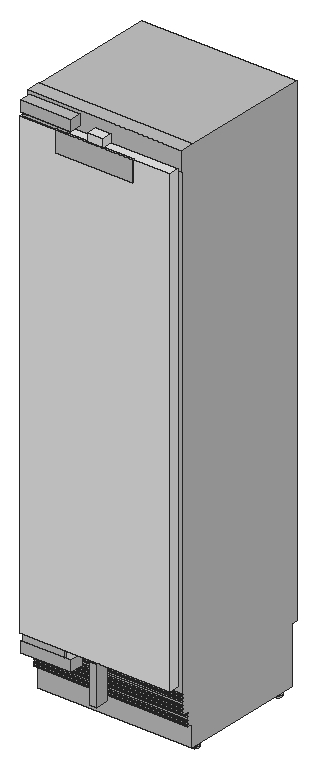
Revit family "FP_Revit_18_RS2484FLJK1_Freezer_90001056A", category Specialty Equipment, Revit 2018
Family settings
  Round Connector Dimension = Use Diameter
  Part Type = Normal
  OmniClass Number = 23.40.40.11.11
  OmniClass Title = Refrigerators and Freezers
  Work Plane-Based = No
  Always vertical = Yes
  Cut with Voids When Loaded = Yes
  Shared = No
  Room Calculation Point = No
Parameters (values of type "RS2484FLJK1")
  Visibility - Water Connection = yes
  Visibility - Visibility Control Note = yes
  Visibility - Clearance Required = yes
  URL = "www.fisherpaykel.com"
  Stainless Steel Door Panels (RD2484L4D) = no
  Product - Width = 603 mm  # constant formula
  Product - Height = 2134 mm  # constant formula
  Product - Depth (exl front panel) = 610 mm  # constant formula
  Model = "RS2484FLJK1"
  Material - Handle = Fisher & Paykel - Aluminium
  Material - Door Structure = Fisher & Paykel - White
  Material - Door Front = Fisher & Paykel - Stainless Steel
  Material - Body = Fisher & Paykel - Grey
  Manufacturer = "Fisher & Paykel Appliances"
  Handle Style - Professional Square (AHV2-RD84) = no
  Handle Style - Professional Round (AHC-RD84) = no
  Handle Style - Contemporary Square (AHD3-RD84) = no
  Handle Style - Contemporary Round (AHS-RD84) = no
  Description = "24\" Integrated Column Freezer with internal ice maker, stainless steel interior"
  Connector Description - Water = "1/4\" (6mm) comp. stainless steel braided hose"
  Connector Description - Electrical = "120 V, 10 amp fused electrical supply"
  Cavity - Width = 610 mm  # constant formula
  Cavity - Height = 2134 mm  # constant formula
  Cavity - Depth = 635 mm  # constant formula
Types (3, lengths in mm): name | Model | Description
  (no name) | "RS2484FLJK1" | "24\" Integrated Column Freezer with internal ice maker, stainless steel interior"
  RS2484FLJK1 | "RS2484FLJK1" | "24\" Integrated Column Freezer with internal ice maker, stainless steel interior"
  RS2484FLJ1 | "RS2484FLJ1" | "24\" Integrated Column Freezer with internal ice maker, white interior"
Reference planes
  plane 1 "Datum": y = 0
  plane 2: z = 0
  plane 3 "Center (Left/Right)": x = 0
  plane 4 "Product LHS": x = -301.5
  plane 5 "Product RHS": x = 301.5
  plane 6 "Product - Depth": y = 610
  plane 7 "Cavity LHS": x = -305
  plane 8 "Cavity RHS": x = 305
  plane 9 "Cavity - Depth": y = 612.9
  plane 10 "Handle Offset": x = 238.5
  plane 11 "Product Height": z = 2134
  plane 12 "Cavity Height": z = 2134
  plane 13 "Door Panel Datum": y = -4.1
Forms (mm)
  Extrusion 1, solid, material "Fisher & Paykel - Grey" <- "Material - Body", detail levels fine
    sketch origin (0, 0, 0) x (0, 1, 0) y (0, 0, 1)
      loop
        line (100.1, 19.1) -> (587.9, 19.1) -> (587.9, 239.7) -> (610, 239.7) -> (610, 2131.9) -> (105.1, 2131.9) -> (105.1, 2134) -> (49.9, 2134) -> (49.9, 2059) -> (56, 2059) -> (56, 228.6) -> (59.5, 228.6) -> (59.5, 219.7) -> (56.5, 219.7) -> (56.5, 215.9) -> (59.5, 215.9) -> (59.5, 207) -> (56.5, 207) -> (56.5, 203.2) -> (59.5, 203.2) -> (59.5, 194.3) -> (56.5, 194.3) -> (56.5, 190.5) -> (59.5, 190.5) -> (59.5, 181.6) -> (56.5, 181.6) -> (56.5, 177.8) -> (59.5, 177.8) -> (59.5, 168.9) -> (56.5, 168.9) -> (56.5, 165.1) -> (59.5, 165.1) -> (59.5, 156.2) -> (56.5, 156.2) -> (56.5, 152.4) -> (84.1, 152.4) -> (84.1, 143.5) -> (81.1, 143.5) -> (81.1, 139.7) -> (84.1, 139.7) -> (84.1, 130.8) -> (81.1, 130.8) -> (81.1, 127) -> (84.1, 127) -> (84.1, 118.1) -> (81.1, 118.1) -> (81.1, 114.3) -> (84.1, 114.3) -> (84.1, 105.4) -> (81.1, 105.4) -> (81.1, 101.6) -> (100.1, 101.6) -> (100.1, 19.1)
    from -301.5 to 301.5
  Extrusion 2, solid, material "Fisher & Paykel - Grey" <- "Material - Body"
    sketch origin (0, 0, 0) x (1, 0, 0) y (0, 1, 0)
      loop
        circle (-281, 547.8) r 4.1
      loop
        circle (-281, 141.8) r 4.1
      loop
        circle (281, 547.8) r 4.1
      loop
        circle (281, 141.8) r 4.1
    from 3 to 19.1
  Extrusion 3, solid, material "Fisher & Paykel - Grey" <- "Material - Body"
    sketch origin (0, 0, 0) x (1, 0, 0) y (0, 1, 0)
      loop
        circle (-281, 547.8) r 14.5
      loop
        circle (-281, 141.8) r 14.555
      loop
        circle (281, 547.8) r 14.5
      loop
        circle (281, 141.8) r 14.555
    from 0 to 3
  Extrusion 4, solid, material "Fisher & Paykel - Grey" <- "Material - Body", detail levels fine
    sketch origin (0, 0, 0) x (1, 0, 0) y (0, 1, 0)
      loop
        line (-7.5, 49) -> (-13.797, -4.1) -> (13.797, -4.1) -> (7.5, 49) -> (-7.5, 49)
    from 104.2 to 254.2
  Extrusion 5, solid, material "Fisher & Paykel - Grey" <- "Material - Body", detail levels fine
    sketch origin (0, 0, 0) x (0, 1, 0) y (0, 0, 1)
      loop
        line (0, 2070.6) -> (0, 1988.6) -> (2, 1988.6) -> (2, 2068.6) -> (4, 2068.6) -> (4, 2070.6) -> (0, 2070.6)
    from -150 to 150
  Extrusion 6, solid, material "Fisher & Paykel - Grey" <- "Material - Body"
    sketch origin (0, 0, 0) x (1, 0, 0) y (0, 0, 1)
      loop
        circle (226.5, 119.813) r 5
      loop
        circle (-226.5, 119.813) r 5
    from -590 to -587.9
  Extrusion 7, solid, material "Fisher & Paykel - White" <- "Material - Door Structure"
    sketch origin (0, 0, 0) x (1, 0, 0) y (0, 1, 0)
      loop
        line (-276.5, 56) -> (-276.5, 42) -> (276.5, 42) -> (276.5, 56) -> (-276.5, 56)
    from 269.6 to 2030.7
  Extrusion 8, solid, material "Fisher & Paykel - White" <- "Material - Door Structure"
    sketch origin (0, 0, 0) x (1, 0, 0) y (0, 1, 0)
      loop
        line (-292.9, 42) -> (-292.9, 3) -> (292.9, 3) -> (292.9, 42) -> (-292.9, 42)
    from 254.2 to 2068.6
  Extrusion 9, solid, material "Fisher & Paykel - White" <- "Material - Door Structure", detail levels fine
    sketch origin (0, 0, 0) x (1, 0, 0) y (0, 0, 1)
      loop
        line (-29.5, 2100.1) -> (-29.5, 2068.6) -> (29.5, 2068.6) -> (29.5, 2100.1) -> (-29.5, 2100.1)
    from -42 to -3
  Extrusion 10, solid, material "Fisher & Paykel - Stainless Steel" <- "Material - Door Front", visible <- "Stainless Steel Door Panels (RD2484L4D)"
    sketch origin (0, 0, 0) x (0, 1, 0) y (0, 0, 1)
      loop
        line (-22.1, 2130.8) -> (-22.1, 102) -> (-4.1, 102) -> (-4.1, 2130.8) -> (-22.1, 2130.8)
    from -301.5 to 301.5
  Extrusion 11, solid, material "Fisher & Paykel - Grey" <- "Material - Body", detail levels coarse+medium
    sketch origin (0, 0, 0) x (0, 1, 0) y (0, 0, 1)
      loop
        line (49.9, 2134) -> (49.9, 2059) -> (56, 2059) -> (56, 152.4) -> (81.1, 152.4) -> (81.1, 101.6) -> (100.1, 101.6) -> (100.1, 19.1) -> (587.9, 19.1) -> (587.9, 239.7) -> (610, 239.7) -> (610, 2134) -> (49.9, 2134)
    from -301.5 to 301.5
  Extrusion 12, solid, material "Fisher & Paykel - Grey" <- "Material - Body", detail levels fine
    sketch origin (0, 0, 0) x (-1, 0, 0) y (0, 0, -1)
      loop
        line (289.9, -187.65) -> (95.42, -187.65) -> (95.42, -229.75) -> (289.9, -229.75) -> (289.9, -187.65)
    from -56 to -2.5
  Extrusion 13, solid, material "Fisher & Paykel - Grey" <- "Material - Body", detail levels fine
    sketch origin (0, 0, 0) x (-1, 0, 0) y (0, 0, -1)
      loop
        line (289.9, -2123.15) -> (289.9, -2081.05) -> (95.42, -2081.05) -> (95.42, -2123.15) -> (289.9, -2123.15)
    from -49 to -2.5
  Extrusion 14, solid, material "Fisher & Paykel - Grey" <- "Material - Body", detail levels fine
    sketch origin (0, 0, -4) x (0, 1, 0) y (0, 0, 1)
      loop
        arc (163.888, 23.1) -> (180.4, 13.63) -> (196.912, 23.1) r 19.13
        line (196.912, 23.1) -> (163.888, 23.1)
      loop
        arc (493.888, 23.1) -> (510.4, 13.63) -> (526.912, 23.1) r 19.13
        line (526.912, 23.1) -> (493.888, 23.1)
    from 191 to 219
  Extrusion 15, solid, material "Fisher & Paykel - Grey" <- "Material - Body", detail levels fine
    sketch origin (0, 0, -4) x (0, 1, 0) y (0, 0, -1)
      loop
        line (163.888, -23.1) -> (196.912, -23.1)
        arc (196.912, -23.1) -> (180.4, -13.63) -> (163.888, -23.1) r 19.13
      loop
        line (493.888, -23.1) -> (526.912, -23.1)
        arc (526.912, -23.1) -> (510.4, -13.63) -> (493.888, -23.1) r 19.13
    from 191 to 219
  Extrusion 16, solid, material "Fisher & Paykel - Clearance Required", visible <- "Visibility - Clearance Required", detail levels coarse
    sketch origin (0, 0, 0) x (1, 0, 0) y (0, 1, 0)
      loop
        line (-305, 612.9) -> (-305, -4.1) -> (305, -4.1) -> (305, 612.9) -> (-305, 612.9)
    from 0 to 2134
  Extrusion 17, void
    sketch origin (0, 0, 0) x (1, 0, 0) y (0, 1, 0)
      loop
        line (-305, 612.9) -> (-305, -22.1) -> (305, -22.1) -> (305, 612.9) -> (-305, 612.9)
    from 0 to 2134
  Extrusion 18, solid, material "Fisher & Paykel - Clearance Required", visible <- "Visibility - Clearance Required", detail levels coarse
    sketch origin (0, 0, 0) x (-1, 0, 0) y (0, -1, 0)
      loop
        line (-301.5, 22.1) -> (301.5, 22.1)
        arc (301.5, 22.1) -> (310.616, 38.605) -> (329.441, 39.678) r 19.5
        line (329.441, 39.678) -> (550.259, 513.225) -> (574.757, 501.802)
        arc (574.757, 501.802) -> (598.013, 510.267) -> (589.549, 533.523) r 17.5
        line (589.549, 533.523) -> (565.051, 544.946) -> (584.28, 586.183)
        arc (584.28, 586.183) -> (-13.376, 547.171) -> (-301.5, 22.1) r 622.5
    from 0 to 2134
  Extrusion 19, solid, material "Fisher & Paykel - Grey" <- "Material - Body", detail levels fine
    sketch origin (0, 0, 0) x (-1, 0, 0) y (0, 0, -1)
      loop
        line (118.4, -254.2) -> (282.9, -254.2) -> (282.9, -229.75) -> (118.4, -229.75) -> (118.4, -254.2)
      loop
        line (106, -2081.05) -> (242.9, -2081.05) -> (282.9, -2076.05) -> (282.9, -2068.6) -> (106, -2068.6) -> (106, -2081.05)
    from -7 to -4
Lines and regions (mm)
  model lines, style "Fisher & Paykel"
    curve 1: line (-301.5, -4.1, 2130.8) -> (301.5, -4.1, 2130.8)
    curve 2: line (-301.5, -4.1, 102) -> (-301.5, -4.1, 2130.8)
    curve 3: line (301.5, -4.1, 102) -> (-301.5, -4.1, 102)
    curve 4: line (301.5, -4.1, 2130.8) -> (301.5, -4.1, 102)
Text (mm)
  text "Due to ongoing product development, product details are subject to change without notice. \nPlease always refer to www.fisherpaykel.com for the most current product information. \n© Fisher & Paykel 2020" at (41.04, -678.295, 0), in view "Ref. Level (Plan)"
Dimensions and locks
  equal spacing: plane 4 "Product LHS", plane 3 "Center (Left/Right)", plane 5 "Product RHS"
  "Product - Width": plane 4 "Product LHS" to plane 5 "Product RHS"
  "Product - Depth (exl front panel)": plane 1 "Datum" to plane 6 "Product - Depth"
  equal spacing: plane 7 "Cavity LHS", plane 3 "Center (Left/Right)", plane 8 "Cavity RHS"
  "Cavity - Width": plane 7 "Cavity LHS" to plane 8 "Cavity RHS"
  plane 4 "Product LHS" to Extrusion 2 sketch curve = 24.6 mm
  plane 4 "Product LHS" to plane 10 "Handle Offset" = 540 mm
  Extrusion 6 sketch curve to Extrusion 1 = 119.887 mm  (x2)
  Extrusion 6 sketch curve to plane 5 "Product RHS" = 75 mm
  plane 4 "Product LHS" to Extrusion 6 sketch curve = 75 mm
  Extrusion 1 sketch curve to Extrusion 1 sketch curve = 82.5 mm
  Extrusion 1 sketch curve to Extrusion 1 sketch curve = 209.5 mm
  Extrusion 3 to level = 3 mm
  Extrusion 11 to Extrusion 8 = 235.1 mm
  Extrusion 11 to Extrusion 7 = 250.5 mm
  Extrusion 11 to Extrusion 11 = 2114.9 mm
  Extrusion 11 to Extrusion 10 = 82.9 mm
  "Product - Height": level to plane 11 "Product Height"
  plane 11 "Product Height" to Extrusion 10 = 3.2 mm
  Extrusion 8 to plane 11 "Product Height" = 65.4 mm
  Extrusion 7 to plane 11 "Product Height" = 103.3 mm
  Extrusion 11 sketch curve to plane 11 "Product Height" = 75 mm
  Extrusion 1 sketch curve to plane 11 "Product Height" = 2.1 mm
  Extrusion 1 sketch curve to plane 11 "Product Height" = 75 mm
  "Cavity - Height": plane 12 "Cavity Height" to level
  plane 1 "Datum" to Extrusion 16 = 612.9 mm
  plane 1 "Datum" to Extrusion 17 = 612.9 mm
  Extrusion 19 sketch curve to Extrusion 19 sketch curve = 40 mm
  Extrusion 19 sketch curve to Extrusion 19 sketch curve = 176.9 mm
  plane 3 "Center (Left/Right)" to Extrusion 19 sketch curve = 106 mm
  plane 3 "Center (Left/Right)" to Extrusion 19 sketch curve = 118.4 mm
  plane 1 "Datum" to Extrusion 18 = 22.1 mm
  "Cavity - Depth": plane 9 "Cavity - Depth" to Extrusion 18
  plane 10 "Handle Offset" to plane 5 "Product RHS" = 63 mm
  radius of Extrusion 6 sketch curve = 5 mm
  aligned and locked: level to plane 2
  aligned and locked: Extrusion 10 to plane 5 "Product RHS"
  aligned and locked: plane 4 "Product LHS" to Extrusion 10
  aligned and locked: Extrusion 11 to plane 5 "Product RHS"
  aligned and locked: Extrusion 11 to plane 4 "Product LHS"
  aligned and locked: Extrusion 11 sketch curve to plane 11 "Product Height"
  aligned and locked: plane 11 "Product Height" to Extrusion 1 sketch curve
  aligned and locked: Extrusion 14 sketch curve to Extrusion 14 sketch curve
  aligned and locked: Extrusion 15 sketch curve to Extrusion 15 sketch curve
  aligned and locked: Extrusion 1 to plane 5 "Product RHS"
  aligned and locked: plane 4 "Product LHS" to Extrusion 1
  aligned and locked: Extrusion 2 to Extrusion 1
  aligned and locked: nested 5 to plane 10 "Handle Offset"
  aligned and locked: nested 4 to plane 10 "Handle Offset"
  aligned and locked: nested 3 to plane 10 "Handle Offset"
  aligned and locked: nested 2 to plane 10 "Handle Offset"
Automatic sketch dimensions
  Extrusion 2 sketch curve to plane 4 "Product LHS" = 20.5 mm  (x2)
  plane 5 "Product RHS" to Extrusion 2 sketch curve = 20.5 mm  (x2)
  Extrusion 2 sketch curve to plane 1 "Datum" = 141.8 mm  (x2)
  Extrusion 2 sketch curve to plane 6 "Product - Depth" = 62.2 mm  (x2)
  Extrusion 3 sketch curve to plane 4 "Product LHS" = 20.5 mm  (x2)
  plane 5 "Product RHS" to Extrusion 3 sketch curve = 20.5 mm  (x2)
  Extrusion 3 sketch curve to plane 1 "Datum" = 141.8 mm  (x2)
  Extrusion 3 sketch curve to plane 6 "Product - Depth" = 62.2 mm  (x2)
  plane 1 "Datum" to Extrusion 4 sketch curve = 4.1 mm
  Extrusion 4 sketch curve to plane 3 "Center (Left/Right)" = 13.797 mm
  Extrusion 4 sketch curve to plane 3 "Center (Left/Right)" = 7.5 mm
  plane 3 "Center (Left/Right)" to Extrusion 4 sketch curve = 7.5 mm
  plane 3 "Center (Left/Right)" to Extrusion 4 sketch curve = 13.797 mm
  Extrusion 4 sketch curve to plane 1 "Datum" = 49 mm
  Extrusion 5 sketch curve to plane 1 "Datum" = 0 mm
  Extrusion 5 sketch curve to plane 1 "Datum" = 2 mm
  Extrusion 5 sketch curve to Extrusion 5 sketch curve = 2 mm  (x2)
  plane 11 "Product Height" to Extrusion 5 sketch curve = 145.4 mm
  plane 11 "Product Height" to Extrusion 5 sketch curve = 65.4 mm
  Extrusion 7 sketch curve to plane 4 "Product LHS" = 25 mm
  plane 5 "Product RHS" to Extrusion 7 sketch curve = 25 mm
  Extrusion 7 sketch curve to plane 1 "Datum" = 42 mm
  Extrusion 7 sketch curve to Extrusion 7 sketch curve = 14 mm
  Extrusion 8 sketch curve to plane 1 "Datum" = 3 mm
  Extrusion 8 sketch curve to plane 4 "Product LHS" = 8.6 mm
  plane 5 "Product RHS" to Extrusion 8 sketch curve = 8.6 mm
  Extrusion 8 sketch curve to Extrusion 8 sketch curve = 39 mm
  Extrusion 9 sketch curve to plane 3 "Center (Left/Right)" = 29.5 mm
  plane 3 "Center (Left/Right)" to Extrusion 9 sketch curve = 29.5 mm
  plane 11 "Product Height" to Extrusion 9 sketch curve = 65.4 mm
  Extrusion 9 sketch curve to Extrusion 9 sketch curve = 31.5 mm
  plane 1 "Datum" to Extrusion 10 sketch curve = 22.1 mm
  plane 1 "Datum" to Extrusion 10 sketch curve = 4.1 mm
  level to Extrusion 10 sketch curve = 102 mm
  plane 11 "Product Height" to Extrusion 10 sketch curve = 3.2 mm
  plane 3 "Center (Left/Right)" to Extrusion 12 sketch curve = 95.42 mm
  plane 4 "Product LHS" to Extrusion 12 sketch curve = 11.6 mm
  Extrusion 12 sketch curve to level = 187.65 mm
  Extrusion 12 sketch curve to Extrusion 12 sketch curve = 42.1 mm
  Extrusion 13 sketch curve to plane 11 "Product Height" = 10.85 mm
  plane 3 "Center (Left/Right)" to Extrusion 13 sketch curve = 95.42 mm
  plane 4 "Product LHS" to Extrusion 13 sketch curve = 11.6 mm
  Extrusion 13 sketch curve to Extrusion 13 sketch curve = 42.1 mm
  Extrusion 14 sketch curve to plane 1 "Datum" = 163.888 mm
  Extrusion 14 sketch curve to Extrusion 14 sketch curve = 16.512 mm  (x2)
  Extrusion 14 sketch curve to plane 6 "Product - Depth" = 116.112 mm
  Extrusion 14 sketch curve to Extrusion 14 sketch curve = 9.66 mm  (x2)
  Extrusion 15 sketch curve to plane 1 "Datum" = 163.888 mm
  Extrusion 15 sketch curve to Extrusion 15 sketch curve = 16.512 mm  (x2)
  Extrusion 15 sketch curve to plane 6 "Product - Depth" = 116.112 mm
  Extrusion 15 sketch curve to Extrusion 15 sketch curve = 9.66 mm  (x2)
  Extrusion 16 sketch curve to plane 7 "Cavity LHS" = 0 mm
  Extrusion 16 sketch curve to plane 8 "Cavity RHS" = 0 mm
  Extrusion 16 sketch curve to plane 9 "Cavity - Depth" = 0 mm
  plane 1 "Datum" to Extrusion 16 sketch curve = 4.1 mm
  Extrusion 17 sketch curve to plane 7 "Cavity LHS" = 0 mm
  Extrusion 17 sketch curve to plane 8 "Cavity RHS" = 0 mm
  plane 9 "Cavity - Depth" to Extrusion 17 sketch curve = 0 mm
  plane 1 "Datum" to Extrusion 17 sketch curve = 22.1 mm
  Extrusion 18 sketch curve to Extrusion 18 sketch curve = 0 mm  (x2)
  Extrusion 18 sketch curve to plane 5 "Product RHS" = 0 mm
  Extrusion 18 sketch curve to plane 4 "Product LHS" = 0 mm
  Extrusion 18 sketch curve to plane 7 "Cavity LHS" = 16 mm
  Extrusion 18 sketch curve to Extrusion 18 sketch curve = 8.441 mm
  Extrusion 18 sketch curve to plane 7 "Cavity LHS" = 245.259 mm
  Extrusion 18 sketch curve to Extrusion 18 sketch curve = 14.792 mm
  Extrusion 18 sketch curve to Extrusion 18 sketch curve = 24.498 mm
  Extrusion 18 sketch curve to Extrusion 18 sketch curve = 7.396 mm  (x2)
  Extrusion 18 sketch curve to Extrusion 18 sketch curve = 19.229 mm
  Extrusion 18 sketch curve to plane 1 "Datum" = 586.183 mm
  Extrusion 18 sketch curve to Extrusion 18 sketch curve = 41.237 mm
  Extrusion 18 sketch curve to Extrusion 18 sketch curve = 15.86 mm
  Extrusion 19 sketch curve to plane 11 "Product Height" = 52.95 mm
  plane 4 "Product LHS" to Extrusion 19 sketch curve = 18.6 mm
  Extrusion 19 sketch curve to Extrusion 19 sketch curve = 5 mm
  Extrusion 19 sketch curve to Extrusion 19 sketch curve = 12.45 mm
  Extrusion 19 sketch curve to level = 254.2 mm
  Extrusion 19 sketch curve to Extrusion 19 sketch curve = 24.45 mm
  Extrusion 11 sketch curve to plane 6 "Product - Depth" = 0 mm
  Extrusion 11 sketch curve to plane 6 "Product - Depth" = 22.1 mm
  Extrusion 11 sketch curve to plane 1 "Datum" = 100.1 mm
  Extrusion 11 sketch curve to Extrusion 11 sketch curve = 19 mm
  Extrusion 11 sketch curve to plane 1 "Datum" = 56 mm
  Extrusion 11 sketch curve to plane 1 "Datum" = 49.9 mm
  level to Extrusion 11 sketch curve = 152.4 mm
  Extrusion 11 sketch curve to Extrusion 11 sketch curve = 50.8 mm
  level to Extrusion 11 sketch curve = 19.1 mm
  Extrusion 11 sketch curve to Extrusion 11 sketch curve = 220.6 mm
  level to Extrusion 14 sketch curve = 19.1 mm
  level to Extrusion 15 sketch curve = 28.76 mm
  Extrusion 1 sketch curve to plane 6 "Product - Depth" = 0 mm
  Extrusion 1 sketch curve to Extrusion 1 sketch curve = 22.1 mm
  Extrusion 1 sketch curve to plane 1 "Datum" = 105.1 mm
  level to Extrusion 1 sketch curve = 19.1 mm
  Extrusion 1 sketch curve to plane 1 "Datum" = 100.1 mm
  Extrusion 1 sketch curve to Extrusion 1 sketch curve = 16 mm
  Extrusion 1 sketch curve to Extrusion 1 sketch curve = 0 mm  (x8)
  Extrusion 1 sketch curve to Extrusion 1 sketch curve = 3 mm  (x10)
  Extrusion 1 sketch curve to plane 1 "Datum" = 59.5 mm
  Extrusion 1 sketch curve to plane 1 "Datum" = 56 mm
  Extrusion 1 sketch curve to plane 1 "Datum" = 49.9 mm
  Extrusion 1 sketch curve to Extrusion 1 sketch curve = 3.8 mm  (x10)
  Extrusion 1 sketch curve to Extrusion 1 sketch curve = 8.9 mm  (x9)
  Extrusion 1 sketch curve to Extrusion 1 sketch curve = 220.6 mm
  plane 5 "Product RHS" to curve 1 = 0 mm
  plane 4 "Product LHS" to curve 3 = 0 mm
  level to curve 3 = 102 mm
  plane 11 "Product Height" to curve 2 = 3.2 mm
  radius of Extrusion 2 sketch curve = 4.1 mm  (x3)
  radius of Extrusion 3 sketch curve = 14.5 mm  (x2)
  radius of Extrusion 3 sketch curve = 14.555 mm  (x2)
  radius of Extrusion 6 sketch curve = 5 mm
Nested families
  nested 1: "Visibility Control Note 18" at (0, 0, 0), visible <- "Visibility - Visibility Control Note", type "Visibility Control Note 18"
  nested 2: "Handle Contemporary Round - Vertical" at (238.5, -22.1, 1242.58), visible <- "Handle Style - Contemporary Round (AHS-RD84)", type "AHS-RD84 - Contemporary round handle (Vertical) 852mm"
  nested 3: "Handle Contemporary Square - Vertical" at (238.5, -22.1, 1242.58), visible <- "Handle Style - Contemporary Square (AHD3-RD84)", type "AHD3-RD84 - Contemporary square handle (Vertical) 852mm"
  nested 4: "Handle Professional Round - Vertical" at (238.5, -22.1, 1242.58), visible <- "Handle Style - Professional Round (AHC-RD84)", type "AHC-RD84 - Professional round handle (Vertical) 786mm"
  nested 5: "Handle Professional Square - Vertical" at (238.5, -22.1, 1242.58), visible <- "Handle Style - Professional Square (AHV2-RD84)", type "AHV2-RD84 - Professional square handle (Vertical) 792mm"
Connectors
  electrical at (-226.5, 590, 119.813), driven by "Connector Description - Electrical"
    settings: on Extrusion 6, index 1, voltage 120 V, apparent load 0 VA, apparent load phase1 0 VA, apparent load phase2 0 VA, apparent load phase3 0 VA, power factor 1, load classification "Other", number of poles 1, system type 30, power factor state 1, is connector primary yes, connector utility no, sub classification motor no, connector description "120 V, 10 amp fused electrical supply"
  piping at (226.5, 590, 119.813), diameter 12.7, driven by "Visibility - Water Connection", driven by "Connector Description - Water"
    settings: on Extrusion 6, index 2, connector inside diameter 609.6 mm, connector length 0 mm, flow factor 0, pipe flow 0.0 L/s, pressure drop 0.0 Pa, fitting loss kfactor 0, connector angle 0.00°, fixture units 0, engagement length 0 mm, angle of deflection 0.00°, flow configuration 0, flow direction 1, fitting loss method 0, system type 20, joint type 0, gender type 0, connector reference index -1, connector utility 1, adjustable connector no, is connector primary yes, connector description "1/4\" (6mm) comp. stainless steel braided hose"
Definition of nested family "Handle Contemporary Round - Vertical"
  Parameters (values of type "AHSRS80A - Contemporary round handle (1 of 2) (Vertical) 727mm")
    URL = "www.fisherpaykel.com"
    Material - Handle = none
    Manufacturer = "Fisher & Paykel Appliances"
    Handle - Length = 727 mm
  Types (6, lengths in mm): name | Handle - Length
    AHS-RD21 - Contemporary round handle (Vertical) 852mm | 852
    AHSRD2484W - Contemporary round handle (1 of 2) (Vertical) 727mm | 727
    AHSRD3084W - Contemporary round handle (1 of 2) (Vertical) 727mm | 727
    AHS-RD84 - Contemporary round handle (Vertical) 852mm | 852
    AHSRS3272A - Contemporary round handle (1 of 2) (Vertical) 727mm | 727
    AHSRS80A - Contemporary round handle (1 of 2) (Vertical) 727mm | 727
  Reference planes
    plane 1 "Center (Front/Back)": y = 0
    plane 2: z = 0
    plane 3 "Center (Left/Right)": x = 0
    plane 4 "Top": z = 363.5
    plane 5 "Bottom": z = -363.5
    plane 6 "Top Standoff": z = 243.5
    plane 7 "Bottom Standoff": z = -243.5
  Forms (mm)
    Extrusion 1, solid, material <- "Material - Handle"
      sketch origin (0, 0, 0) x (1, 0, 0) y (0, 1, 0)
        loop
          circle (0, -32.3) r 8.7
      from -243.5 to 243.5
    Extrusion 2, solid, material <- "Material - Handle", detail levels fine
      sketch origin (0, 0, 0) x (1, 0, 0) y (0, 1, 0)
        loop
          line (-8.7, 0) -> (-8.7, -32.3)
          arc (-8.7, -32.3) -> (0, -41) -> (8.7, -32.3) r 8.7
          line (8.7, -32.3) -> (8.7, 0) -> (-8.7, 0)
      from 243.5 to 363.5
    Extrusion 3, solid, material <- "Material - Handle", detail levels fine
      sketch origin (0, 0, 0) x (1, 0, 0) y (0, 1, 0)
        loop
          line (-8.7, 0) -> (-8.7, -32.3)
          arc (-8.7, -32.3) -> (0, -41) -> (8.7, -32.3) r 8.7
          line (8.7, -32.3) -> (8.7, 0) -> (-8.7, 0)
      from -363.5 to -243.5
    Sweep 4, void
      path in 3D
        loop
          line (8.7, 0, -363.5) -> (8.7, -32.3, -363.5)
          arc (8.7, -32.3, -363.5) -> (0, -41, -363.5) -> (-8.7, -32.3, -363.5) r 8.7
          line (-8.7, -32.3, -363.5) -> (-8.7, 0, -363.5)
      profile origin (8.7, -16.15, -363.5) x (-1, 0, 0) y (0, 0, -1)
        loop
          line (0, 0) -> (0, -1) -> (1, 0) -> (0, 0)
    Sweep 5, void
      path in 3D
        loop
          line (-8.7, 0, 363.5) -> (-8.7, -32.3, 363.5)
          arc (-8.7, -32.3, 363.5) -> (0, -41, 363.5) -> (8.7, -32.3, 363.5) r 8.7
          line (8.7, -32.3, 363.5) -> (8.7, 0, 363.5)
      profile origin (8.7, -16.15, 363.5) x (-1, 0, 0) y (0, 0, 1)
        loop
          line (0, 0) -> (0, -1) -> (1, 0) -> (0, 0)
    Extrusion 6, solid, material <- "Material - Handle", detail levels coarse+medium
      sketch origin (0, 0, 0) x (1, 0, 0) y (0, 1, 0)
        loop
          line (-8.7, 0) -> (-8.7, -32.3)
          arc (-8.7, -32.3) -> (0, -41) -> (8.7, -32.3) r 8.7
          line (8.7, -32.3) -> (8.7, 0) -> (-8.7, 0)
      from 243.5 to 363.5
    Extrusion 7, solid, material <- "Material - Handle", detail levels coarse+medium
      sketch origin (0, 0, 0) x (1, 0, 0) y (0, 1, 0)
        loop
          line (-8.7, 0) -> (-8.7, -32.3)
          arc (-8.7, -32.3) -> (0, -41) -> (8.7, -32.3) r 8.7
          line (8.7, -32.3) -> (8.7, 0) -> (-8.7, 0)
      from -363.5 to -243.5
  Cuts and joins
    Sweep 4 cuts Extrusion 3
    Sweep 5 cuts Extrusion 2
  Lines and regions (mm)
    sketch lines
      curve 1: line (8.7, 0, -363.5) -> (8.7, -32.3, -363.5)
      curve 2: arc (-8.7, -32.3, -363.5) -> (0, -41, -363.5) -> (8.7, -32.3, -363.5) r 8.7
      curve 3: line (-8.7, -32.3, -363.5) -> (-8.7, 0, -363.5)
      curve 4: line (8.7, -32.3, 363.5) -> (8.7, 0, 363.5)
      curve 5: arc (8.7, -32.3, 363.5) -> (0, -41, 363.5) -> (-8.7, -32.3, 363.5) r 8.7
      curve 6: line (-8.7, 0, 363.5) -> (-8.7, -32.3, 363.5)
  Dimensions and locks
    equal spacing: plane 4 "Top", level, plane 5 "Bottom"
    "Handle - Length": plane 4 "Top" to plane 5 "Bottom"
    locked: plane 4 "Top" to plane 6 "Top Standoff" at 120
    locked: plane 7 "Bottom Standoff" to plane 5 "Bottom" at 120
    Extrusion 2 sketch curve to Extrusion 2 sketch curve = 17.4 mm
    Extrusion 3 sketch curve to Extrusion 3 sketch curve = 17.4 mm
    Extrusion 6 sketch curve to Extrusion 6 sketch curve = 17.4 mm
    Extrusion 7 sketch curve to Extrusion 7 sketch curve = 17.4 mm
    aligned and locked: level to plane 2
    aligned and locked: plane 4 "Top" to Extrusion 2
    aligned and locked: Extrusion 3 to plane 5 "Bottom"
    aligned and locked: plane 7 "Bottom Standoff" to Extrusion 3
    aligned and locked: Extrusion 1 to plane 7 "Bottom Standoff"
    aligned and locked: plane 6 "Top Standoff" to Extrusion 1
    aligned and locked: Extrusion 2 to Extrusion 1
    aligned and locked: Extrusion 6 to Extrusion 1
    aligned and locked: plane 4 "Top" to Extrusion 6
    aligned and locked: Extrusion 7 to Extrusion 1
    aligned and locked: Extrusion 7 to plane 5 "Bottom"
  Automatic sketch dimensions
    Extrusion 1 sketch curve to plane 3 "Center (Left/Right)" = 0 mm
    plane 1 "Center (Front/Back)" to Extrusion 1 sketch curve = 32.3 mm
    plane 1 "Center (Front/Back)" to Extrusion 2 sketch curve = 0 mm
    Extrusion 2 sketch curve to plane 3 "Center (Left/Right)" = 0 mm
    Extrusion 2 sketch curve to plane 3 "Center (Left/Right)" = 8.7 mm
    plane 1 "Center (Front/Back)" to Extrusion 2 sketch curve = 32.3 mm
    plane 1 "Center (Front/Back)" to Extrusion 3 sketch curve = 0 mm
    Extrusion 3 sketch curve to plane 3 "Center (Left/Right)" = 0 mm
    Extrusion 3 sketch curve to plane 3 "Center (Left/Right)" = 8.7 mm
    plane 1 "Center (Front/Back)" to Extrusion 3 sketch curve = 32.3 mm
    Sweep 4 sketch curve to profile plane = 0 mm  (x2)
    Sweep 4 sketch curve to profile plane = 1 mm  (x2)
    Sweep 5 sketch curve to profile plane = 0 mm  (x2)
    Sweep 5 sketch curve to profile plane = 1 mm  (x2)
    Extrusion 6 sketch curve to plane 3 "Center (Left/Right)" = 0 mm
    Extrusion 6 sketch curve to plane 3 "Center (Left/Right)" = 8.7 mm
    plane 1 "Center (Front/Back)" to Extrusion 6 sketch curve = 32.3 mm
    Extrusion 6 sketch curve to Extrusion 6 sketch curve = 32.3 mm
    Extrusion 7 sketch curve to plane 3 "Center (Left/Right)" = 0 mm
    Extrusion 7 sketch curve to plane 3 "Center (Left/Right)" = 8.7 mm
    plane 1 "Center (Front/Back)" to Extrusion 7 sketch curve = 32.3 mm
    Extrusion 7 sketch curve to Extrusion 7 sketch curve = 32.3 mm
    radius of Extrusion 1 sketch curve = 8.7 mm
Definition of nested family "Handle Contemporary Square - Vertical"
  Parameters (values of type "AHD3RS80A - Contemporary square handle (1 of 2) (Vertical) 727mm")
    URL = "www.fisherpaykel.com"
    Material - Handle = none
    Manufacturer = "Fisher & Paykel Appliances"
    Handle - Length = 727 mm
  Types (7, lengths in mm): name | Handle - Length
    (no name) | 727
    AHD3-RD21 - Contemporary square handle (Vertical) 852mm | 852
    AHD3RD2484W - Contemporary square handle (1 of 2) (Vertical) 727mm | 727
    AHD3RD3084W - Contemporary square handle (1 of 2) (Vertical) 727mm | 727
    AHD3-RD84 - Contemporary square handle (Vertical) 852mm | 852
    AHD3RS3272A - Contemporary square handle (1 of 2) (Vertical) 727mm | 727
    AHD3RS80A - Contemporary square handle (1 of 2) (Vertical) 727mm | 727
  Reference planes
    plane 1 "Center (Front/Back)": y = 0
    plane 2: z = 0
    plane 3 "Center (Left/Right)": x = 0
    plane 4 "Top": z = 363.5
    plane 5 "Bottom": z = -363.5
    plane 6 "Top Standoff": z = 243.5
    plane 7 "Bottom Standoff": z = -243.5
  Forms (mm)
    Extrusion 1, solid, material <- "Material - Handle", detail levels fine
      sketch origin (0, 0, 0) x (1, 0, 0) y (0, 1, 0)
        loop
          arc (-7.583, -28.701) -> (-7.89, -29.057) -> (-8, -29.514) r 1
          line (-8, -29.514) -> (-8, -40.5)
          arc (-8, -40.5) -> (-7.561, -41.561) -> (-6.5, -42) r 1.5
          line (-6.5, -42) -> (6.5, -42)
          arc (6.5, -42) -> (7.561, -41.561) -> (8, -40.5) r 1.5
          line (8, -40.5) -> (8, -29.487)
          arc (8, -29.487) -> (7.889, -29.029) -> (7.58, -28.673) r 1
          arc (7.58, -28.673) -> (-0.006, -26.256) -> (-7.583, -28.701) r 13.038
      from -363.5 to 363.5
    Extrusion 2, solid, material <- "Material - Handle", detail levels fine
      sketch origin (0, 0, 0) x (1, 0, 0) y (0, 1, 0)
        loop
          arc (7.058, -28.23) -> (7.466, -28.244) -> (7.674, -27.893) r 0.4
          line (7.674, -27.893) -> (7.674, 0) -> (-7.674, 0) -> (-7.674, -27.86)
          arc (-7.674, -27.86) -> (-7.467, -28.21) -> (-7.06, -28.198) r 0.4
          arc (-7.06, -28.198) -> (0.004, -26.156) -> (7.058, -28.23) r 13.136
      from 243.5 to 363.5
    Extrusion 3, solid, material <- "Material - Handle", detail levels fine
      sketch origin (0, 0, 0) x (1, 0, 0) y (0, 1, 0)
        loop
          arc (7.058, -28.23) -> (7.466, -28.244) -> (7.674, -27.893) r 0.4
          line (7.674, -27.893) -> (7.674, 0) -> (-7.674, 0) -> (-7.674, -27.86)
          arc (-7.674, -27.86) -> (-7.467, -28.21) -> (-7.06, -28.198) r 0.4
          arc (-7.06, -28.198) -> (0.004, -26.156) -> (7.058, -28.23) r 13.136
      from -363.5 to -243.5
    Sweep 4, void
      path in 3D
        loop
          line (-8, -29.514, 363.5) -> (-8, -40.5, 363.5)
          arc (-8, -40.5, 363.5) -> (-7.561, -41.561, 363.5) -> (-6.5, -42, 363.5) r 1.5
          line (-6.5, -42, 363.5) -> (6.5, -42, 363.5)
          arc (6.5, -42, 363.5) -> (7.561, -41.561, 363.5) -> (8, -40.5, 363.5) r 1.5
          line (8, -40.5, 363.5) -> (8, -29.487, 363.5)
      profile origin (8, -34.994, 363.5) x (-1, 0, 0) y (0, 0, 1)
        loop
          line (0, 0) -> (0, -1.3) -> (1.3, 0) -> (0, 0)
    Sweep 5, void
      path in 3D
        loop
          line (8, -29.487, -363.5) -> (8, -40.5, -363.5)
          arc (8, -40.5, -363.5) -> (7.561, -41.561, -363.5) -> (6.5, -42, -363.5) r 1.5
          line (6.5, -42, -363.5) -> (-6.5, -42, -363.5)
          arc (-6.5, -42, -363.5) -> (-7.561, -41.561, -363.5) -> (-8, -40.5, -363.5) r 1.5
          line (-8, -40.5, -363.5) -> (-8, -29.514, -363.5)
      profile origin (8, -34.994, -363.5) x (-1, 0, 0) y (0, 0, -1)
        loop
          line (0, 0) -> (0, -1.3) -> (1.3, 0) -> (0, 0)
    Extrusion 6, void
      sketch origin (0, 0, 0) x (1, 0, 0) y (0, 0, 1)
        loop
          line (-8, -362.2) -> (-8, -363.5) -> (-6.7, -363.5) -> (-8, -362.2)
        loop
          line (8, -362.2) -> (6.7, -363.5) -> (8, -363.5) -> (8, -362.2)
      from 0 to 40
    Extrusion 7, void
      sketch origin (0, 0, 0) x (1, 0, 0) y (0, 0, 1)
        loop
          line (-8, 363.5) -> (-8, 362.2) -> (-6.7, 363.5) -> (-8, 363.5)
        loop
          line (8, 363.5) -> (6.7, 363.5) -> (8, 362.2) -> (8, 363.5)
      from 0 to 40
    Extrusion 8, solid, material <- "Material - Handle", detail levels coarse+medium
      sketch origin (0, 0, 0) x (0, 1, 0) y (0, 0, 1)
        loop
          line (0, 363.5) -> (-42, 363.5) -> (-42, -363.5) -> (0, -363.5) -> (0, -243.5) -> (-26.245, -243.5) -> (-26.245, 243.5) -> (0, 243.5) -> (0, 363.5)
      from -8 to 8
  Cuts and joins
    Sweep 4, Sweep 5, Extrusion 6, Extrusion 7 cuts Extrusion 1
    Extrusion 6 cuts Extrusion 3
    Extrusion 7 cuts Extrusion 2
  Lines and regions (mm)
    sketch lines
      curve 1: line (8, -40.5, 363.5) -> (8, -29.487, 363.5)
      curve 2: arc (8, -40.5, 363.5) -> (7.561, -41.561, 363.5) -> (6.5, -42, 363.5) r 1.5
      curve 3: line (-6.5, -42, 363.5) -> (6.5, -42, 363.5)
      curve 4: arc (-6.5, -42, 363.5) -> (-7.561, -41.561, 363.5) -> (-8, -40.5, 363.5) r 1.5
      curve 5: line (-8, -29.514, 363.5) -> (-8, -40.5, 363.5)
      curve 6: line (8, -29.487, -363.5) -> (8, -40.5, -363.5)
      curve 7: arc (6.5, -42, -363.5) -> (7.561, -41.561, -363.5) -> (8, -40.5, -363.5) r 1.5
      curve 8: line (6.5, -42, -363.5) -> (-6.5, -42, -363.5)
      curve 9: arc (-8, -40.5, -363.5) -> (-7.561, -41.561, -363.5) -> (-6.5, -42, -363.5) r 1.5
      curve 10: line (-8, -40.5, -363.5) -> (-8, -29.514, -363.5)
  Dimensions and locks
    equal spacing: plane 4 "Top", level, plane 5 "Bottom"
    "Handle - Length": plane 4 "Top" to plane 5 "Bottom"
    locked: plane 4 "Top" to plane 6 "Top Standoff" at 120
    locked: plane 7 "Bottom Standoff" to plane 5 "Bottom" at 120
    aligned and locked: level to plane 2
    aligned and locked: plane 4 "Top" to Extrusion 2
    aligned and locked: Extrusion 2 to plane 6 "Top Standoff"
    aligned and locked: plane 4 "Top" to Extrusion 1
    aligned and locked: Extrusion 1 to plane 5 "Bottom"
    aligned and locked: Extrusion 3 to plane 5 "Bottom"
    aligned and locked: plane 7 "Bottom Standoff" to Extrusion 3
    aligned and locked: plane 4 "Top" to Extrusion 8 sketch curve
    aligned and locked: plane 6 "Top Standoff" to Extrusion 8 sketch curve
    aligned and locked: plane 7 "Bottom Standoff" to Extrusion 8 sketch curve
    aligned and locked: plane 5 "Bottom" to Extrusion 8 sketch curve
    aligned and locked: plane 1 "Center (Front/Back)" to Extrusion 8 sketch curve  (x2)
  Automatic sketch dimensions
    Extrusion 1 sketch curve to plane 3 "Center (Left/Right)" = 8 mm
    Extrusion 1 sketch curve to Extrusion 1 sketch curve = 1 mm  (x2)
    Extrusion 1 sketch curve to Extrusion 1 sketch curve = 1.5 mm
    plane 3 "Center (Left/Right)" to Extrusion 1 sketch curve = 0.018 mm
    plane 3 "Center (Left/Right)" to Extrusion 1 sketch curve = 6.5 mm
    plane 3 "Center (Left/Right)" to Extrusion 1 sketch curve = 7 mm
    plane 1 "Center (Front/Back)" to Extrusion 1 sketch curve = 42 mm
    Extrusion 1 sketch curve to Extrusion 1 sketch curve = 1.206 mm
    Extrusion 1 sketch curve to Extrusion 1 sketch curve = 10.986 mm
    Extrusion 1 sketch curve to Extrusion 1 sketch curve = 11.013 mm
    Extrusion 1 sketch curve to Extrusion 1 sketch curve = 0 mm
    plane 1 "Center (Front/Back)" to Extrusion 2 sketch curve = 0 mm
    Extrusion 2 sketch curve to plane 3 "Center (Left/Right)" = 7.674 mm
    Extrusion 2 sketch curve to Extrusion 2 sketch curve = 0.4 mm  (x2)
    Extrusion 2 sketch curve to plane 3 "Center (Left/Right)" = 0.026 mm
    plane 3 "Center (Left/Right)" to Extrusion 2 sketch curve = 7.274 mm
    plane 1 "Center (Front/Back)" to Extrusion 2 sketch curve = 27.86 mm
    Extrusion 2 sketch curve to Extrusion 2 sketch curve = 0.033 mm
    Extrusion 2 sketch curve to Extrusion 2 sketch curve = 11.398 mm
    Extrusion 2 sketch curve to Extrusion 2 sketch curve = 0 mm
    plane 1 "Center (Front/Back)" to Extrusion 3 sketch curve = 0 mm
    Extrusion 3 sketch curve to Extrusion 3 sketch curve = 0.4 mm  (x2)
    Extrusion 3 sketch curve to Extrusion 3 sketch curve = 7.248 mm
    Extrusion 3 sketch curve to Extrusion 3 sketch curve = 7.3 mm
    plane 1 "Center (Front/Back)" to Extrusion 3 sketch curve = 27.86 mm
    Extrusion 3 sketch curve to Extrusion 3 sketch curve = 0.033 mm
    Extrusion 3 sketch curve to Extrusion 3 sketch curve = 11.398 mm
    Extrusion 3 sketch curve to Extrusion 3 sketch curve = 0 mm
    Sweep 4 sketch curve to profile plane = 0 mm  (x2)
    Sweep 4 sketch curve to profile plane = 1.3 mm  (x2)
    Sweep 5 sketch curve to profile plane = 0 mm  (x2)
    Sweep 5 sketch curve to profile plane = 1.3 mm  (x2)
    Extrusion 6 sketch curve to plane 5 "Bottom" = 0 mm  (x2)
    plane 5 "Bottom" to Extrusion 6 sketch curve = 1.3 mm  (x2)
    Extrusion 6 sketch curve to plane 3 "Center (Left/Right)" = 8 mm
    Extrusion 6 sketch curve to Extrusion 6 sketch curve = 1.3 mm  (x2)
    plane 3 "Center (Left/Right)" to Extrusion 6 sketch curve = 8 mm
    Extrusion 7 sketch curve to plane 4 "Top" = 0 mm  (x2)
    Extrusion 7 sketch curve to plane 3 "Center (Left/Right)" = 8 mm
    Extrusion 7 sketch curve to Extrusion 7 sketch curve = 1.3 mm  (x2)
    plane 3 "Center (Left/Right)" to Extrusion 7 sketch curve = 8 mm
    Extrusion 7 sketch curve to plane 4 "Top" = 1.3 mm  (x2)
    plane 1 "Center (Front/Back)" to Extrusion 8 sketch curve = 26.245 mm
    plane 1 "Center (Front/Back)" to Extrusion 8 sketch curve = 42 mm
    Extrusion 3 sketch curve to plane 3 "Center (Left/Right)" = 7.674 mm
Definition of nested family "Handle Professional Round - Vertical"
  Parameters (values of type "AHCRD2484W - Professional round handle (1 of 2) (Vertical) 661mm")
    URL = "www.fisherpaykel.com"
    Material - Standoff = none
    Material - Handle = none
    Manufacturer = "Fisher & Paykel Appliances"
    Handle - Length = 661 mm
  Types (5, lengths in mm): name | Handle - Length
    (no name) | 661
    AHCRD2484W - Professional round handle (1 of 2) (Vertical) 661mm | 661
    AHCRD3084W - Professional round handle (1 of 2) (Vertical) 661mm | 661
    AHC-RD84 - Professional round handle (Vertical) 786mm | 786
    AHCRS3272A - Professional round handle (1 of 2) (Vertical) 661mm | 661
  Reference planes
    plane 1 "Center (Front/Back)": y = 0
    plane 2: z = 0
    plane 3 "Center (Left/Right)": x = 0
    plane 4 "Top": z = 330.5
    plane 5 "Bottom": z = -330.5
    plane 6 "Top Standoff": z = 286.5
    plane 7 "Bottom Standoff": z = -286.5
  Forms (mm)
    Extrusion 1, solid, material <- "Material - Standoff", detail levels fine
      sketch origin (0, 0, 0) x (1, 0, 0) y (0, 1, 0)
        loop
          line (-18.5, 0) -> (-18.5, -39.4)
          arc (-18.5, -39.4) -> (0, -57.9) -> (18.5, -39.4) r 18.5
          line (18.5, -39.4) -> (18.5, 0) -> (-18.5, 0)
      from 286.5 to 330.5
    Extrusion 2, solid, material <- "Material - Standoff", detail levels fine
      sketch origin (0, 0, 0) x (1, 0, 0) y (0, 1, 0)
        loop
          line (-18.5, 0) -> (-18.5, -39.4)
          arc (-18.5, -39.4) -> (0, -57.9) -> (18.5, -39.4) r 18.5
          line (18.5, -39.4) -> (18.5, 0) -> (-18.5, 0)
      from -330.5 to -286.5
    Extrusion 3, solid, material <- "Material - Handle"
      sketch origin (0, 0, 0) x (1, 0, 0) y (0, 1, 0)
        loop
          circle (0, -39.4) r 12.7
      from -286.5 to 286.5
    Sweep 4, void
      path in 3D
        loop
          line (-18.5, 0, 330.5) -> (-18.5, -39.4, 330.5)
          arc (-18.5, -39.4, 330.5) -> (0, -57.9, 330.5) -> (18.5, -39.4, 330.5) r 18.5
          line (18.5, -39.4, 330.5) -> (18.5, 0, 330.5)
      profile origin (18.5, -19.7, 330.5) x (-1, 0, 0) y (0, 0, 1)
        loop
          line (0, 0) -> (0, -3) -> (3, 0) -> (0, 0)
    Sweep 5, void
      path in 3D
        loop
          line (18.5, 0, -330.5) -> (18.5, -39.4, -330.5)
          arc (18.5, -39.4, -330.5) -> (0, -57.9, -330.5) -> (-18.5, -39.4, -330.5) r 18.5
          line (-18.5, -39.4, -330.5) -> (-18.5, 0, -330.5)
      profile origin (18.5, -19.7, -330.5) x (-1, 0, 0) y (0, 0, -1)
        loop
          line (0, 0) -> (0, -3) -> (3, 0) -> (0, 0)
    Extrusion 6, solid, material <- "Material - Standoff", detail levels coarse+medium
      sketch origin (0, 0, 0) x (1, 0, 0) y (0, 1, 0)
        loop
          line (-18.5, 0) -> (-18.5, -39.4)
          arc (-18.5, -39.4) -> (0, -57.9) -> (18.5, -39.4) r 18.5
          line (18.5, -39.4) -> (18.5, 0) -> (-18.5, 0)
      from 286.5 to 330.5
    Extrusion 7, solid, material <- "Material - Standoff", detail levels coarse+medium
      sketch origin (0, 0, 0) x (1, 0, 0) y (0, 1, 0)
        loop
          line (-18.5, 0) -> (-18.5, -39.4)
          arc (-18.5, -39.4) -> (0, -57.9) -> (18.5, -39.4) r 18.5
          line (18.5, -39.4) -> (18.5, 0) -> (-18.5, 0)
      from -330.5 to -286.5
  Cuts and joins
    Sweep 4 cuts Extrusion 1
    Sweep 5 cuts Extrusion 2
  Lines and regions (mm)
    sketch lines
      curve 1: line (18.5, -39.4, 330.5) -> (18.5, 0, 330.5)
      curve 2: arc (18.5, -39.4, 330.5) -> (0, -57.9, 330.5) -> (-18.5, -39.4, 330.5) r 18.5
      curve 3: line (-18.5, 0, 330.5) -> (-18.5, -39.4, 330.5)
      curve 4: line (18.5, 0, -330.5) -> (18.5, -39.4, -330.5)
      curve 5: arc (-18.5, -39.4, -330.5) -> (0, -57.9, -330.5) -> (18.5, -39.4, -330.5) r 18.5
      curve 6: line (-18.5, -39.4, -330.5) -> (-18.5, 0, -330.5)
  Dimensions and locks
    equal spacing: plane 4 "Top", level, plane 5 "Bottom"
    "Handle - Length": plane 4 "Top" to plane 5 "Bottom"
    plane 4 "Top" to plane 6 "Top Standoff" = 44 mm
    plane 7 "Bottom Standoff" to plane 5 "Bottom" = 44 mm
    aligned and locked: level to plane 2
    aligned and locked: plane 4 "Top" to Extrusion 1
    aligned and locked: Extrusion 1 to plane 6 "Top Standoff"
    aligned and locked: Extrusion 2 to plane 5 "Bottom"
    aligned and locked: plane 7 "Bottom Standoff" to Extrusion 2
    aligned and locked: plane 6 "Top Standoff" to Extrusion 3
    aligned and locked: Extrusion 3 to plane 7 "Bottom Standoff"
    aligned and locked: plane 4 "Top" to Extrusion 6
    aligned and locked: Extrusion 7 to plane 5 "Bottom"
    aligned and locked: plane 7 "Bottom Standoff" to Extrusion 7
    aligned and locked: Extrusion 6 to plane 6 "Top Standoff"
  Automatic sketch dimensions
    plane 1 "Center (Front/Back)" to Extrusion 1 sketch curve = 0 mm
    Extrusion 1 sketch curve to plane 3 "Center (Left/Right)" = 0 mm
    Extrusion 1 sketch curve to plane 3 "Center (Left/Right)" = 18.5 mm
    plane 1 "Center (Front/Back)" to Extrusion 1 sketch curve = 39.4 mm
    plane 1 "Center (Front/Back)" to Extrusion 2 sketch curve = 0 mm
    Extrusion 2 sketch curve to plane 3 "Center (Left/Right)" = 0 mm
    Extrusion 2 sketch curve to plane 3 "Center (Left/Right)" = 18.5 mm
    plane 1 "Center (Front/Back)" to Extrusion 2 sketch curve = 39.4 mm
    Extrusion 3 sketch curve to plane 3 "Center (Left/Right)" = 0 mm
    plane 1 "Center (Front/Back)" to Extrusion 3 sketch curve = 39.4 mm
    Sweep 4 sketch curve to profile plane = 0 mm  (x2)
    Sweep 4 sketch curve to profile plane = 3 mm  (x2)
    Sweep 5 sketch curve to profile plane = 0 mm  (x2)
    Sweep 5 sketch curve to profile plane = 3 mm  (x2)
    Extrusion 6 sketch curve to plane 3 "Center (Left/Right)" = 0 mm
    Extrusion 6 sketch curve to plane 3 "Center (Left/Right)" = 18.5 mm
    plane 1 "Center (Front/Back)" to Extrusion 6 sketch curve = 39.4 mm
    Extrusion 6 sketch curve to Extrusion 6 sketch curve = 39.4 mm
    Extrusion 7 sketch curve to plane 3 "Center (Left/Right)" = 0 mm
    Extrusion 7 sketch curve to plane 3 "Center (Left/Right)" = 18.5 mm
    plane 1 "Center (Front/Back)" to Extrusion 7 sketch curve = 39.4 mm
    Extrusion 7 sketch curve to Extrusion 7 sketch curve = 39.4 mm
    radius of Extrusion 3 sketch curve = 12.7 mm
Definition of nested family "Handle Professional Square - Vertical"
  Parameters (values of type "AHV2RS3272A - Professional square handle (1 of 2) (Vertical) 727mm")
    URL = "www.fisherpaykel.com"
    Material - Handle = none
    Manufacturer = "Fisher & Paykel Appliances"
    Handle - Length = 727 mm
  Types (5, lengths in mm): name | Handle - Length
    (no name) | 727
    AHV2RD2484W - Professional square handle (1 of 2) (Vertical) 727mm | 727
    AHV2RD3084W - Professional square handle (1 of 2) (Vertical) 727mm | 727
    AHV2-RD84 - Professional square handle (Vertical) 792mm | 792
    AHV2RS3272A - Professional square handle (1 of 2) (Vertical) 727mm | 727
  Reference planes
    plane 1 "Center (Front/Back)": y = 0
    plane 2: z = 0
    plane 3 "Center (Left/Right)": x = 0
    plane 4 "Top": z = 363.5
    plane 5 "Bottom": z = -363.5
    plane 6 "Top Standoff": z = 313.5
    plane 7 "Bottom Standoff": z = -313.5
  Forms (mm)
    Extrusion 1, solid, material <- "Material - Handle", detail levels fine
      sketch origin (0, 0, 0) x (0, 1, 0) y (0, 0, 1)
        loop
          line (0, 363.5) -> (-40, 363.5)
          arc (-40, 363.5) -> (-47.071, 360.571) -> (-50, 353.5) r 10
          line (-50, 353.5) -> (-50, 313.5) -> (0, 313.5) -> (0, 363.5)
        loop
          line (0, -363.5) -> (0, -313.5) -> (-50, -313.5) -> (-50, -353.5)
          arc (-50, -353.5) -> (-47.071, -360.571) -> (-40, -363.5) r 10
          line (-40, -363.5) -> (0, -363.5)
      from -17.5 to 17.5
    Sweep 2, void
      path in 3D
        loop
          line (17.5, 0, 363.5) -> (17.5, -40, 363.5)
          arc (17.5, -40, 363.5) -> (17.5, -47.071, 360.571) -> (17.5, -50, 353.5) r 10
          line (17.5, -50, 353.5) -> (17.5, -50, 313.5)
      profile origin (17.5, -20, 363.5) x (1, 0, 0) y (0, 0, 1)
        loop
          line (0, 0) -> (-2.5, 0) -> (0, -2.5) -> (0, 0)
    Sweep 3, void
      path in 3D
        loop
          line (-17.5, -50, 313.5) -> (-17.5, -50, 353.5)
          arc (-17.5, -50, 353.5) -> (-17.5, -47.071, 360.571) -> (-17.5, -40, 363.5) r 10
          line (-17.5, -40, 363.5) -> (-17.5, 0, 363.5)
      profile origin (-17.5, -20, 363.5) x (-1, 0, 0) y (0, 0, 1)
        loop
          line (0, 0) -> (-2.5, 0) -> (0, -2.5) -> (0, 0)
    Sweep 4, void
      path in 3D
        loop
          line (17.5, -50, -313.5) -> (17.5, -50, -353.5)
          arc (17.5, -50, -353.5) -> (17.5, -47.071, -360.571) -> (17.5, -40, -363.5) r 10
          line (17.5, -40, -363.5) -> (17.5, 0, -363.5)
      profile origin (17.5, -20, -363.5) x (1, 0, 0) y (0, 0, -1)
        loop
          line (0, 0) -> (-2.5, 0) -> (0, -2.5) -> (0, 0)
    Sweep 5, void
      path in 3D
        loop
          line (-17.5, 0, -363.5) -> (-17.5, -40, -363.5)
          arc (-17.5, -40, -363.5) -> (-17.5, -47.071, -360.571) -> (-17.5, -50, -353.5) r 10
          line (-17.5, -50, -353.5) -> (-17.5, -50, -313.5)
      profile origin (-17.5, -20, -363.5) x (-1, 0, 0) y (0, 0, -1)
        loop
          line (0, 0) -> (-2.5, 0) -> (0, -2.5) -> (0, 0)
    Extrusion 6, solid, material <- "Material - Handle", detail levels fine
      sketch origin (0, 0, 0) x (1, 0, 0) y (0, 1, 0)
        loop
          line (-15.5, -36.737) -> (-15.5, -46.422) -> (-14.172, -47.75) -> (14.172, -47.75) -> (15.5, -46.422) -> (15.5, -36.737)
          arc (15.5, -36.737) -> (0, -32.25) -> (-15.5, -36.737) r 29.013
      from -313.5 to 313.5
    Extrusion 7, solid, material <- "Material - Handle", detail levels coarse+medium
      sketch origin (0, 0, 0) x (0, 1, 0) y (0, 0, 1)
        loop
          line (0, 363.5) -> (-40, 363.5)
          arc (-40, 363.5) -> (-47.071, 360.571) -> (-50, 353.5) r 10
          line (-50, 353.5) -> (-50, -353.5)
          arc (-50, -353.5) -> (-47.071, -360.571) -> (-40, -363.5) r 10
          line (-40, -363.5) -> (0, -363.5) -> (0, -313.5) -> (-31.95, -313.5) -> (-31.95, 313.5) -> (0, 313.5) -> (0, 363.5)
      from -17.5 to 17.5
  Cuts and joins
    Sweep 2, Sweep 3, Sweep 4, Sweep 5 cuts Extrusion 1
  Lines and regions (mm)
    sketch lines
      curve 1: line (17.5, 0, 363.5) -> (17.5, -40, 363.5)
      curve 2: arc (17.5, -50, 353.5) -> (17.5, -47.071, 360.571) -> (17.5, -40, 363.5) r 10
      curve 3: line (17.5, -50, 353.5) -> (17.5, -50, 313.5)
      curve 4: line (-17.5, -40, 363.5) -> (-17.5, 0, 363.5)
      curve 5: arc (-17.5, -40, 363.5) -> (-17.5, -47.071, 360.571) -> (-17.5, -50, 353.5) r 10
      curve 6: line (-17.5, -50, 313.5) -> (-17.5, -50, 353.5)
      curve 7: line (17.5, -40, -363.5) -> (17.5, 0, -363.5)
      curve 8: arc (17.5, -40, -363.5) -> (17.5, -47.071, -360.571) -> (17.5, -50, -353.5) r 10
      curve 9: line (17.5, -50, -313.5) -> (17.5, -50, -353.5)
      curve 10: line (-17.5, 0, -363.5) -> (-17.5, -40, -363.5)
      curve 11: arc (-17.5, -50, -353.5) -> (-17.5, -47.071, -360.571) -> (-17.5, -40, -363.5) r 10
      curve 12: line (-17.5, -50, -353.5) -> (-17.5, -50, -313.5)
  Dimensions and locks
    equal spacing: plane 4 "Top", level, plane 5 "Bottom"
    "Handle - Length": plane 4 "Top" to plane 5 "Bottom"
    plane 7 "Bottom Standoff" to plane 5 "Bottom" = 50 mm
    plane 4 "Top" to plane 6 "Top Standoff" = 50 mm
    aligned and locked: level to plane 2
    aligned and locked: plane 4 "Top" to Extrusion 1 sketch curve
    aligned and locked: plane 5 "Bottom" to Extrusion 1 sketch curve
    aligned and locked: Extrusion 1 sketch curve to plane 1 "Center (Front/Back)"
    aligned and locked: plane 1 "Center (Front/Back)" to Extrusion 1 sketch curve
    aligned and locked: plane 6 "Top Standoff" to Extrusion 1 sketch curve
    aligned and locked: plane 7 "Bottom Standoff" to Extrusion 1 sketch curve
    aligned and locked: plane 6 "Top Standoff" to Extrusion 6
    aligned and locked: Extrusion 6 to plane 7 "Bottom Standoff"
    aligned and locked: plane 4 "Top" to Extrusion 7 sketch curve
    aligned and locked: plane 6 "Top Standoff" to Extrusion 7 sketch curve
    aligned and locked: plane 1 "Center (Front/Back)" to Extrusion 7 sketch curve
    aligned and locked: plane 7 "Bottom Standoff" to Extrusion 7 sketch curve
    aligned and locked: plane 5 "Bottom" to Extrusion 7 sketch curve
    aligned and locked: Extrusion 7 sketch curve to plane 1 "Center (Front/Back)"
  Automatic sketch dimensions
    Sweep 2 sketch curve to profile plane = 0 mm
    profile plane to Sweep 2 sketch curve = 0 mm
    profile plane to Sweep 2 sketch curve = 2.5 mm
    Sweep 2 sketch curve to profile plane = 2.5 mm
    Sweep 3 sketch curve to profile plane = 0 mm  (x2)
    profile plane to Sweep 3 sketch curve = 2.5 mm
    Sweep 3 sketch curve to profile plane = 2.5 mm
    Sweep 4 sketch curve to profile plane = 0 mm
    profile plane to Sweep 4 sketch curve = 0 mm
    profile plane to Sweep 4 sketch curve = 2.5 mm
    Sweep 4 sketch curve to profile plane = 2.5 mm
    Sweep 5 sketch curve to profile plane = 0 mm  (x2)
    profile plane to Sweep 5 sketch curve = 2.5 mm
    Sweep 5 sketch curve to profile plane = 2.5 mm
    plane 1 "Center (Front/Back)" to Extrusion 1 sketch curve = 40 mm  (x2)
    Extrusion 1 sketch curve to Extrusion 1 sketch curve = 10 mm  (x2)
    Extrusion 6 sketch curve to plane 3 "Center (Left/Right)" = 0 mm
    Extrusion 6 sketch curve to Extrusion 6 sketch curve = 1.328 mm  (x4)
    plane 1 "Center (Front/Back)" to Extrusion 6 sketch curve = 61.263 mm
    Extrusion 6 sketch curve to Extrusion 6 sketch curve = 13.513 mm
    Extrusion 6 sketch curve to Extrusion 6 sketch curve = 9.684 mm  (x2)
    Extrusion 6 sketch curve to plane 3 "Center (Left/Right)" = 14.172 mm
    plane 1 "Center (Front/Back)" to Extrusion 7 sketch curve = 31.95 mm
    plane 1 "Center (Front/Back)" to Extrusion 7 sketch curve = 40 mm  (x2)
    Extrusion 7 sketch curve to plane 4 "Top" = 10 mm
Definition of nested family "Visibility Control Note 18"
  Types (3): name
    New
    Resolved
    Active
  Reference planes
    plane 1: y = 0
    plane 2: x = 0
  Text (mm)
    text "Edit Type: \nTo control handle kit \nand door panel visibility\n options\n\nDelete unwanted kits \nto reduce file size" at (-0.165, 35.556, 0)
